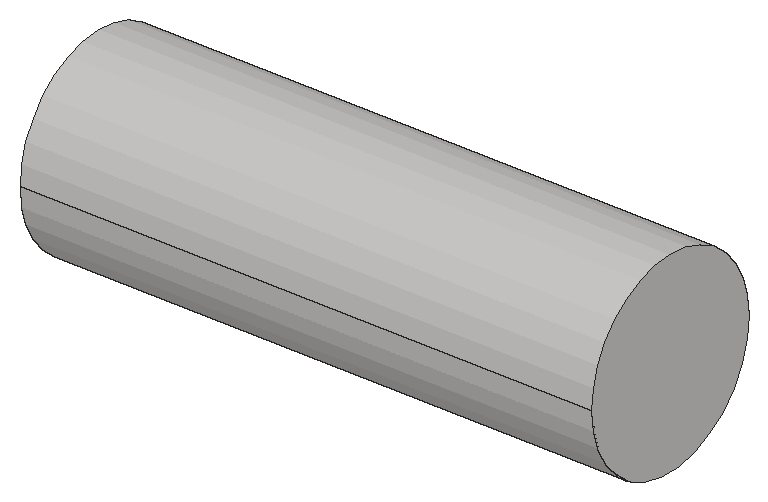
Revit family "SOFiSTiK_Muffe_Geschweißt_Geschraubt", category Verbindungsmittel, Revit 2023
Family settings
  Arbeitsebenenbasiert = Nein
  Immer vertikal = Nein
  Beim Laden mit Abzugskörper schneiden = Nein
  Gemeinsam genutzt = Nein
  An Ansicht ausrichten = Ja
Parameters (values of type "Ø6")
  Stabgröße 2 = d2, ø6
  Stabgröße 1 = d2, ø6
  SOFiSTiK_Symbol_ID = "General"  # constant formula
  SOFiSTiK_Identifier = "RC_Rebar_Coupler"  # constant formula
  Modell = "Standardmuffe"
  Material = Baustahl - S 235
  Körper = 0,07 kg
  Hersteller = "Hersteller"
  Gesamtlänge = 41 mm
  Endenbearbeitung 2 = SOFiSTiK_Gewinde
  Endenbearbeitung 1 = SOFiSTiK_Geschweißt
  Einfassung Stab 2 = Einfassung Stab 1  # 15 mm
  Einfassung Stab 1 = 15 mm
  Bauelement = "M"
  Außendurchmesser = 14 mm
Types (14, lengths in mm): name | Stabgröße 2 | Stabgröße 1 | Körper | Gesamtlänge | Einfassung Stab 2 | Einfassung Stab 1 | Außendurchmesser
  (no name) | d2, ø6 | d2, ø6 | 0.07 (stored number, unit not read) | 41 | 0.049213 (stored number, unit not read) | 0.049213 (stored number, unit not read) | 14
  Ø6 | d2, ø6 | d2, ø6 | 0,07 kg | 41 | 15 mm | 15 mm | 14
  Ø8 | d2, ø8 | d2, ø8 | 0,07 kg | 41 | 15 mm | 15 mm | 14
  Ø10 | d2, ø10 | d2, ø10 | 0,07 kg | 48 | 18 mm | 18 mm | 17
  Ø12 | d2, ø12 | d2, ø12 | 0,06 kg | 49 | 18 mm | 18 mm | 17
  Ø14 | d2, ø14 | d2, ø14 | 0,13 kg | 55 | 21 mm | 21 mm | 22
  Ø16 | d2, ø16 | d2, ø16 | 0,13 kg | 61 | 24 mm | 24 mm | 22
  Ø20 | d2, ø20 | d2, ø20 | 0,27 kg | 71 | 29 mm | 29 mm | 27
  Ø26 | d2, ø26 | d2, ø26 | 0,36 kg | 96 | 41 mm | 41 mm | 33
  Ø30 | d2, ø30 | d2, ø30 | 0,36 kg | 101 | 43 mm | 43 mm | 37
  Ø34 | d2, ø34 | d2, ø34 | 0,36 kg | 107 | 46 mm | 46 mm | 42
  Ø40 | d2, ø40 | d2, ø40 | 0,36 kg | 131 | 58 mm | 58 mm | 52
  Ø18 | d2, ø18 | d2, ø18 | 0,13 kg | 61 | 24 mm | 24 mm | 22
  Ø22 | d2, ø22 | d2, ø22 | 0,27 kg | 71 | 29 mm | 29 mm | 27
Reference planes
  plane 1: y = 0
  plane 2: z = 0
  plane 3 "Mitte (Links/rechts)": x = 0
  plane 4: x = -20.5
  plane 5: x = 20.5
  plane 6: y = 7
  plane 7: y = -7
Forms (mm)
  Extrusion 1, solid, material "Baustahl - S 235" <- "Material"
    sketch origin (0, 0, 0) x (0, 1, 0) y (0, 0, 1)
      loop
        circle (0, 0) r 7
    from -20.5 to 20.5
Lines and regions (mm)
  symbolic lines
    curve 1: line (-20.5, 7, 0) -> (20.5, 7, 0)
    curve 2: line (-20.5, -7, 0) -> (-20.5, 7, 0)
    curve 3: line (20.5, -7, 0) -> (-20.5, -7, 0)
    curve 4: line (20.5, 7, 0) -> (20.5, -7, 0)
Dimensions and locks
  equal spacing: plane 4, plane 3 "Mitte (Links/rechts)", plane 5
  "Gesamtlänge": plane 4 to plane 5
  equal spacing: plane 6, plane 1, plane 7
  "Außendurchmesser": plane 6 to plane 7
  "Außendurchmesser": diameter of Extrusion 1 sketch curve
  aligned and locked: Extrusion 1 to plane 4
  aligned and locked: plane 5 to Extrusion 1
  aligned and locked: plane 4 to curve 2
  aligned and locked: curve 4 to plane 5
  aligned and locked: curve 1 to plane 6
  aligned and locked: plane 7 to curve 3
Automatic sketch dimensions
  Extrusion 1 sketch curve to level = 0 mm
  Extrusion 1 sketch curve to plane 1 = 0 mm
